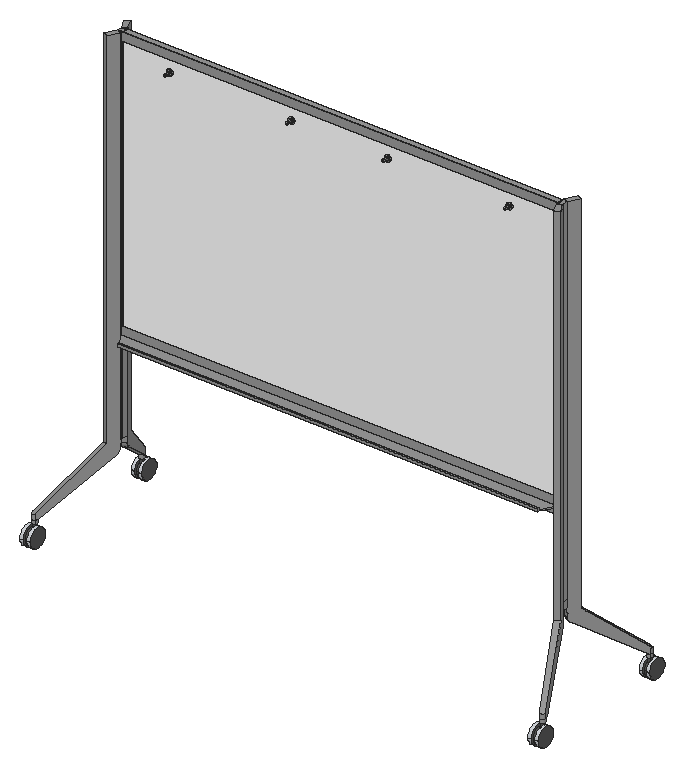
Revit family "Haworth_Planes_InformationDisplay_AP_PRELIMINARY", category Furniture Systems, Revit 2019
Family settings
  Round Connector Dimension = Use Diameter
  Part Type = Normal
  OmniClass Number = 23.40.70.14.64.21
  OmniClass Title = Systems Furniture
  Work Plane-Based = No
  Always vertical = Yes
  Cut with Voids When Loaded = No
  Shared = No
  Room Calculation Point = No
Parameters (values of type "Large")
  Warranty = "http://www.haworth.com/resources/product-info/warranties"
  URL - Product = "http://www.haworth.com/products/accessories/whiteboards-carts/planes-collaborative-tools"
  URL = "www.haworth.com"
  Size = "Verify Final Dim. w/ Haworth"  # constant formula
  Revision Number = "1"  # constant formula
  Model = "WOPLID"  # constant formula
  Markerboard Finish [instance] = Haworth _ Markerboard _ White
  Manufacturer = "Haworth"  # constant formula
  Large = yes
  Hook Finish = Haworth _ Polymer _ Undecided
  Glides = not(Casters)  # no
  Frame Finish [instance] = Haworth _ Polymer _ Undecided
  Description = "Haworth - Planes - Information Display"  # constant formula
  Casters = yes
  Caster Finish = Haworth _ Polymer _ Black
  Author = "Haworth (Abd Rahman),SHAPE Environments, LLC"  # constant formula
  Assembly Code = "E2020200"
  Actual Width = if(Large, 2235 mm, 1143 mm)  # 2235 mm
  Actual Height = 1905 mm  # constant formula
Types (2, lengths in mm): name | Large | Glides | Casters | Actual Width
  Standard | no | yes | no | 1143
  Large | yes | no | yes | 2235
Reference planes
  plane 1 "Center F/B": y = 0
  plane 2: z = 0
  plane 3 "Center L/R": x = 0.043
  plane 4: z = 779.46
  plane 5 "Left": x = -1117.457
  plane 6 "Right": x = 1117.543
  plane 7 "Left Leg": x = -939.657
  plane 8 "Right Leg": x = 939.743
  plane 9: z = 750.885
  plane 10: z = 744.538
  plane 11: z = 738.188
  plane 12: z = 708.678
  plane 13: z = 704.85
  plane 14: y = 77.787
  plane 15: y = 71.437
  plane 16: y = 14.286
  plane 17: y = -14.286
  plane 18: y = -77.788
  plane 19: y = -71.438
  plane 20: y = 14.286
  plane 21: y = -14.286
  plane 22: x = -207.353
  plane 23: x = 207.438
  plane 24: x = -732.947
  plane 25: x = 733.032
  plane 26: z = 1831.377
  plane 27: z = 1914.525
Forms (mm)
  Extrusion 1, solid, material "Haworth _ Polymer _ Undecided" <- "Frame Finish"
    sketch origin (0.043, 0, 0) x (0, 1, 0) y (0, 0, 1)
      loop
        line (71.437, 744.538) -> (14.286, 744.538) -> (14.286, 779.46) -> (10.258, 779.46) -> (10.258, 744.538) -> (-10.258, 744.538) -> (-10.258, 779.46) -> (-14.286, 779.46) -> (-14.286, 744.538) -> (-71.438, 744.538) -> (-71.438, 750.885) -> (-77.788, 750.885) -> (-77.788, 738.188) -> (-14.286, 738.188) -> (-14.286, 708.678) -> (0, 704.85) -> (14.286, 708.678) -> (14.286, 738.188) -> (77.787, 738.188) -> (77.787, 750.885) -> (71.437, 750.885) -> (71.437, 744.538)
      loop
        line (10.258, 1881.187) -> (14.286, 1881.187) -> (14.286, 1914.525) -> (-14.286, 1914.525) -> (-14.286, 1881.187) -> (-10.258, 1881.187) -> (-10.258, 1912.747) -> (10.258, 1912.747) -> (10.258, 1881.187)
    from -939.7 to 939.7
  Extrusion 2, void
    sketch origin (-0.043, 0, 0) x (1, 0, 0) y (0, 1, 0)
      loop
        line (-939.615, 15.875) -> (-906.345, 71.437) -> (-906.345, 84.137) -> (-955.058, 84.137) -> (-955.058, -84.137) -> (-906.345, -84.137) -> (-906.345, -71.437) -> (-939.615, -15.875) -> (-939.615, 15.875)
    from 670.129 to 827.222
  Extrusion 3, solid, material "Haworth _ Markerboard _ White" <- "Markerboard Finish"
    sketch origin (0.043, 0, 0) x (0, 1, 0) y (0, 0, 1)
      loop
        line (10.258, 1912.747) -> (-10.258, 1912.747) -> (-10.258, 744.538) -> (10.258, 744.538) -> (10.258, 1912.747)
    from -939.7 to 939.7
  Extrusion 4, solid, material "Haworth _ Polymer _ Undecided" <- "Frame Finish"
    sketch origin (0, 0, 0) x (1, 0, 0) y (0, 1, 0)
      loop
        line (-945.214, 13.786) -> (-940.671, 20.71) -> (-960.295, 10.276) -> (-960.295, -10.276) -> (-940.671, -20.71) -> (-945.214, -13.786) -> (-945.214, -10.452) -> (-939.657, -10.452) -> (-939.657, 10.452) -> (-945.214, 10.452) -> (-945.214, 13.786)
    from 1914.525 to 345.892
  Extrusion 5, void
    sketch origin (0.043, 0, 0) x (-1, 0, 0) y (0, -1, 0)
      loop
        line (-939.7, -15.875) -> (-939.7, 15.875) -> (-906.43, 71.437) -> (-906.43, 84.137) -> (-955.143, 84.137) -> (-955.143, -84.137) -> (-906.43, -84.137) -> (-906.43, -71.437) -> (-939.7, -15.875)
    from 670.129 to 827.222
  Extrusion 6, solid, material "Haworth _ Polymer _ Undecided" <- "Frame Finish"
    sketch origin (0.085, 0, 0) x (-1, 0, 0) y (0, -1, 0)
      loop
        line (-945.214, -13.786) -> (-945.214, -10.452) -> (-939.657, -10.452) -> (-939.657, 10.452) -> (-945.214, 10.452) -> (-945.214, 13.786) -> (-940.671, 20.71) -> (-960.295, 10.276) -> (-960.295, -10.276) -> (-940.671, -20.71) -> (-945.214, -13.786)
    from 1914.525 to 345.892
Cuts and joins
  Extrusion 2, Extrusion 5 cuts Extrusion 1
  Extrusion 5 cuts Extrusion 3
  Extrusion 5 cuts Extrusion 4
Lines and regions (mm)
  Masking region 1
    outline origin (0, 0, 0) x (1, 0, 0) y (0, 1, 0)
      loop
        line (-1105.044, 282.512) -> (-960.295, 10.276) -> (-960.295, -10.276) -> (-1105.044, -282.512)
        arc (-1105.044, -282.512) -> (-1100.449, -297.541) -> (-1085.421, -292.946) r 11.112
        line (-1085.421, -292.946) -> (-940.671, -20.71) -> (-945.214, -13.786) -> (-945.214, -10.452) -> (-939.657, -10.452) -> (-939.657, -15.875) -> (-906.387, -71.437) -> (906.472, -71.437) -> (939.743, -15.875) -> (939.743, -10.452) -> (945.299, -10.452) -> (945.299, -13.786) -> (940.756, -20.71) -> (1085.506, -292.946)
        arc (1085.506, -292.946) -> (1100.535, -297.541) -> (1105.129, -282.512) r 11.112
        line (1105.129, -282.512) -> (960.38, -10.276) -> (960.38, 10.276) -> (1105.2, 282.646)
        arc (1105.2, 282.646) -> (1100.468, 297.577) -> (1085.506, 292.946) r 11.113
        line (1085.506, 292.946) -> (940.756, 20.71) -> (945.299, 13.786) -> (945.299, 10.452) -> (939.743, 10.452) -> (939.743, 15.875) -> (906.472, 71.437) -> (-906.387, 71.437) -> (-939.657, 15.875) -> (-939.657, 10.452) -> (-945.214, 10.452) -> (-945.214, 13.786) -> (-940.671, 20.71) -> (-1086.521, 295.016)
        arc (-1086.521, 295.016) -> (-1101.41, 297.1) -> (-1105.044, 282.512) r 11.236
  symbolic lines, style "Haworth"
    curve 1: line (-939.657, 10.452, 0) -> (939.743, 10.452, 0)
    curve 2: line (-939.657, -10.258, 0) -> (-939.657, 10.452, 0)
    curve 3: line (939.743, -10.258, 0) -> (-939.657, -10.258, 0)
    curve 4: line (939.743, 10.452, 0) -> (939.743, -10.258, 0)
    curve 5: line (1117.543, -260.411, 0) -> (1073.093, -260.411, 0)
    curve 6: line (1117.543, -339.786, 0) -> (1117.543, -260.411, 0)
    curve 7: line (1073.093, -339.786, 0) -> (1117.543, -339.786, 0)
    curve 8: line (1073.093, -260.411, 0) -> (1073.093, -339.786, 0)
    curve 9: line (1073.093, 339.786, 0) -> (1117.543, 339.786, 0)
    curve 10: line (1073.093, 260.411, 0) -> (1073.093, 339.786, 0)
    curve 11: line (1117.543, 260.411, 0) -> (1073.093, 260.411, 0)
    curve 12: line (1117.543, 339.786, 0) -> (1117.543, 260.411, 0)
    curve 13: line (-1117.457, 339.786, 0) -> (-1073.007, 339.786, 0)
    curve 14: line (-1117.457, 260.411, 0) -> (-1117.457, 339.786, 0)
    curve 15: line (-1073.007, 260.411, 0) -> (-1117.457, 260.411, 0)
    curve 16: line (-1073.007, 339.786, 0) -> (-1073.007, 260.411, 0)
    curve 17: line (-1117.457, -260.411, 0) -> (-1073.007, -260.411, 0)
    curve 18: line (-1117.457, -339.786, 0) -> (-1117.457, -260.411, 0)
    curve 19: line (-1073.007, -339.786, 0) -> (-1117.457, -339.786, 0)
    curve 20: line (-1073.007, -260.411, 0) -> (-1073.007, -339.786, 0)
Dimensions and locks
  equal spacing: plane 5 "Left", plane 3 "Center L/R", plane 6 "Right"
  "Actual Width": plane 5 "Left" to plane 6 "Right"
  locked: plane 5 "Left" to plane 7 "Left Leg" at 177.8
  locked: plane 8 "Right Leg" to plane 6 "Right" at 177.8
  locked: nested 1 to plane 7 "Left Leg" at 20.638
  locked: plane 8 "Right Leg" to nested 2 at 20.638
  plane 13 to plane 12 to plane 11 to plane 10 to plane 9 to plane 4 = 3.828 mm locked, 29.51 mm locked, 6.35 mm locked, 6.347 mm locked, 28.575 mm locked
  plane 18 to plane 19 to plane 17 to plane 16 to plane 15 to plane 14 = 6.35 mm locked, 57.151 mm locked, 28.572 mm locked, 57.151 mm locked, 6.35 mm locked
  equal spacing: plane 22, plane 3 "Center L/R", plane 23
  equal spacing: plane 24, plane 3 "Center L/R", plane 25
  locked: plane 27 to plane 26 at 83.148
  plane 20 to plane 1 "Center F/B" to plane 21 = 14.286 mm locked, 14.286 mm locked
  aligned and locked: cut or joined group of Extrusion 1, Extrusion 2, Extrusion 5 to Extrusion 3  (x2)
  aligned and locked: Extrusion 4 to nested 1
  aligned: nested 1 to Extrusion 4
  aligned and locked: plane 1 "Center F/B" to nested 1
  aligned and locked: cut or joined group of Extrusion 3, Extrusion 5 to plane 7 "Left Leg"
  aligned and locked: plane 8 "Right Leg" to cut or joined group of Extrusion 3, Extrusion 5
  aligned and locked: Extrusion 1 sketch curve to plane 14
  aligned and locked: plane 15 to Extrusion 1 sketch curve
  aligned and locked: plane 16 to Extrusion 1 sketch curve  (x2)
  aligned and locked: plane 17 to Extrusion 1 sketch curve  (x2)
  aligned and locked: Extrusion 1 sketch curve to plane 18
  aligned and locked: plane 19 to Extrusion 1 sketch curve
  aligned and locked: plane 9 to Extrusion 1 sketch curve
  aligned and locked: Extrusion 1 sketch curve to plane 9
  aligned and locked: Extrusion 1 sketch curve to plane 11  (x2)
  aligned and locked: plane 13 to Extrusion 1 sketch curve
  aligned and locked: plane 12 to Extrusion 1 sketch curve  (x2)
  aligned and locked: Extrusion 1 sketch curve to plane 4
  aligned and locked: plane 4 to Extrusion 1 sketch curve
  aligned and locked: plane 10 to Extrusion 1 sketch curve  (x3)
  aligned and locked: nested 4 to plane 22
  aligned and locked: plane 23 to nested 3
  aligned and locked: plane 26 to nested 3
  aligned and locked: plane 26 to nested 4
  aligned and locked: plane 26 to nested 5
  aligned and locked: nested 5 to plane 24
  aligned and locked: plane 25 to nested 6
  aligned and locked: plane 26 to nested 6
  aligned and locked: nested 6 to plane 21
  aligned and locked: nested 4 to plane 21
  aligned and locked: plane 21 to nested 5
  aligned and locked: nested 3 to plane 21
  aligned and locked: plane 20 to nested 10
  aligned and locked: plane 20 to nested 7
  aligned and locked: plane 20 to nested 8
  aligned and locked: nested 9 to plane 20
  aligned and locked: nested 10 to plane 25
  aligned and locked: nested 7 to plane 23
  aligned and locked: plane 22 to nested 8
  aligned and locked: plane 24 to nested 9
  aligned and locked: plane 26 to nested 10
  aligned and locked: plane 26 to nested 7
  aligned and locked: plane 26 to nested 8
  aligned and locked: plane 26 to nested 9
Automatic sketch dimensions
  Extrusion 1 sketch curve to plane 1 "Center F/B" = 0 mm
  plane 1 "Center F/B" to Extrusion 1 sketch curve = 10.258 mm
  Extrusion 1 sketch curve to Extrusion 1 sketch curve = 4.028 mm  (x4)
  Extrusion 1 sketch curve to plane 1 "Center F/B" = 10.258 mm
  Extrusion 1 sketch curve to plane 4 = 1101.728 mm
  Extrusion 1 sketch curve to Extrusion 1 sketch curve = 0 mm
  Extrusion 1 sketch curve to Extrusion 1 sketch curve = 31.56 mm
  Extrusion 1 sketch curve to Extrusion 1 sketch curve = 1.778 mm
  Extrusion 2 sketch curve to plane 7 "Left Leg" = 0 mm
  Extrusion 2 sketch curve to plane 7 "Left Leg" = 15.443 mm
  plane 7 "Left Leg" to Extrusion 2 sketch curve = 33.27 mm  (x2)
  plane 1 "Center F/B" to Extrusion 2 sketch curve = 84.137 mm
  Extrusion 2 sketch curve to Extrusion 2 sketch curve = 12.7 mm  (x2)
  plane 1 "Center F/B" to Extrusion 2 sketch curve = 15.875 mm
  Extrusion 2 sketch curve to plane 1 "Center F/B" = 15.875 mm
  Extrusion 2 sketch curve to Extrusion 2 sketch curve = 55.562 mm
  Extrusion 4 sketch curve to plane 7 "Left Leg" = 0 mm
  Extrusion 4 sketch curve to plane 7 "Left Leg" = 1.014 mm  (x2)
  Extrusion 4 sketch curve to plane 7 "Left Leg" = 5.556 mm
  Extrusion 4 sketch curve to Extrusion 4 sketch curve = 5.556 mm
  plane 1 "Center F/B" to Extrusion 4 sketch curve = 10.276 mm
  Extrusion 4 sketch curve to Extrusion 4 sketch curve = 15.081 mm
  plane 1 "Center F/B" to Extrusion 4 sketch curve = 10.452 mm
  Extrusion 4 sketch curve to Extrusion 4 sketch curve = 3.334 mm  (x2)
  Extrusion 4 sketch curve to Extrusion 4 sketch curve = 6.924 mm  (x2)
  Extrusion 4 sketch curve to plane 1 "Center F/B" = 10.276 mm
  Extrusion 4 sketch curve to plane 1 "Center F/B" = 10.452 mm
  Extrusion 5 sketch curve to plane 8 "Right Leg" = 0 mm
  Extrusion 5 sketch curve to plane 8 "Right Leg" = 15.443 mm
  plane 8 "Right Leg" to Extrusion 5 sketch curve = 33.27 mm  (x2)
  Extrusion 5 sketch curve to plane 1 "Center F/B" = 84.137 mm
  Extrusion 5 sketch curve to Extrusion 5 sketch curve = 12.7 mm  (x2)
  Extrusion 5 sketch curve to plane 1 "Center F/B" = 15.875 mm
  plane 1 "Center F/B" to Extrusion 5 sketch curve = 15.875 mm
  Extrusion 5 sketch curve to Extrusion 5 sketch curve = 55.562 mm
  Masking region 1 sketch curve to plane 7 "Left Leg" = 0 mm  (x2)
  Masking region 1 sketch curve to plane 8 "Right Leg" = 0 mm  (x2)
  Masking region 1 sketch curve to plane 7 "Left Leg" = 1.014 mm  (x2)
  Masking region 1 sketch curve to plane 7 "Left Leg" = 5.556 mm  (x2)
  Masking region 1 sketch curve to Masking region 1 sketch curve = 15.081 mm  (x2)
  Masking region 1 sketch curve to plane 5 "Left" = 32.037 mm
  Masking region 1 sketch curve to plane 5 "Left" = 30.936 mm
  Masking region 1 sketch curve to Masking region 1 sketch curve = 8.602 mm
  Masking region 1 sketch curve to Masking region 1 sketch curve = 9.812 mm  (x5)
  Masking region 1 sketch curve to Masking region 1 sketch curve = 9.921 mm
  plane 7 "Left Leg" to Masking region 1 sketch curve = 33.27 mm  (x2)
  Masking region 1 sketch curve to plane 8 "Right Leg" = 33.27 mm  (x2)
  plane 8 "Right Leg" to Masking region 1 sketch curve = 1.014 mm  (x2)
  plane 8 "Right Leg" to Masking region 1 sketch curve = 5.556 mm  (x2)
  Masking region 1 sketch curve to plane 1 "Center F/B" = 10.276 mm  (x2)
  plane 6 "Right" to Masking region 1 sketch curve = 32.037 mm  (x2)
  Masking region 1 sketch curve to Masking region 1 sketch curve = 9.882 mm
  plane 1 "Center F/B" to Masking region 1 sketch curve = 10.276 mm  (x2)
  plane 1 "Center F/B" to Masking region 1 sketch curve = 10.452 mm  (x2)
  Masking region 1 sketch curve to Masking region 1 sketch curve = 3.334 mm  (x4)
  Masking region 1 sketch curve to Masking region 1 sketch curve = 5.423 mm  (x4)
  Masking region 1 sketch curve to Masking region 1 sketch curve = 4.835 mm  (x4)
  Masking region 1 sketch curve to Masking region 1 sketch curve = 50.728 mm  (x2)
  plane 1 "Center F/B" to Masking region 1 sketch curve = 282.512 mm  (x2)
  Masking region 1 sketch curve to Masking region 1 sketch curve = 5.217 mm  (x2)
  Masking region 1 sketch curve to plane 1 "Center F/B" = 10.452 mm  (x2)
  Masking region 1 sketch curve to plane 1 "Center F/B" = 282.512 mm
  Masking region 1 sketch curve to plane 1 "Center F/B" = 282.646 mm
  Masking region 1 sketch curve to Masking region 1 sketch curve = 5.083 mm
  Masking region 1 sketch curve to Masking region 1 sketch curve = 5.275 mm
  Extrusion 6 sketch curve to plane 8 "Right Leg" = 0 mm
  Extrusion 6 sketch curve to plane 8 "Right Leg" = 1.014 mm  (x2)
  Extrusion 6 sketch curve to plane 8 "Right Leg" = 5.556 mm
  Extrusion 6 sketch curve to Extrusion 6 sketch curve = 5.556 mm
  Extrusion 6 sketch curve to plane 1 "Center F/B" = 10.276 mm
  Extrusion 6 sketch curve to Extrusion 6 sketch curve = 15.081 mm
  Extrusion 6 sketch curve to plane 1 "Center F/B" = 10.452 mm
  Extrusion 6 sketch curve to Extrusion 6 sketch curve = 3.334 mm  (x2)
  Extrusion 6 sketch curve to Extrusion 6 sketch curve = 6.924 mm  (x2)
  plane 1 "Center F/B" to Extrusion 6 sketch curve = 10.276 mm
  plane 1 "Center F/B" to Extrusion 6 sketch curve = 10.452 mm
  curve 13 to plane 5 "Left" = 0 mm
  curve 17 to plane 5 "Left" = 0 mm
  curve 2 to plane 7 "Left Leg" = 0 mm
  curve 4 to plane 8 "Right Leg" = 0 mm
  curve 6 to plane 6 "Right" = 0 mm
  curve 9 to plane 6 "Right" = 0 mm
  curve 17 to curve 17 = 44.45 mm
  curve 14 to curve 16 = 44.45 mm
  plane 6 "Right" to curve 11 = 44.45 mm
  plane 6 "Right" to curve 8 = 44.45 mm
  plane 1 "Center F/B" to curve 20 = 339.786 mm
  plane 1 "Center F/B" to curve 8 = 339.786 mm
  curve 6 to curve 5 = 79.375 mm
  curve 19 to curve 17 = 79.375 mm
  plane 1 "Center F/B" to curve 3 = 10.258 mm
  curve 1 to plane 1 "Center F/B" = 10.452 mm
  curve 12 to plane 1 "Center F/B" = 260.411 mm
  curve 14 to plane 1 "Center F/B" = 260.411 mm
  curve 11 to curve 12 = 79.375 mm
  curve 14 to curve 14 = 79.375 mm
  plane 1 "Center F/B" to Extrusion 3 sketch curve = 10.258 mm
  Extrusion 3 sketch curve to plane 1 "Center F/B" = 10.258 mm
  plane 4 to Extrusion 3 sketch curve = 34.922 mm
  Extrusion 3 sketch curve to plane 4 = 1133.287 mm
Nested families
  nested 1: "Haworth_Table Legs" at (-946.007, 0, 0), type "Leg"
  nested 2: "Haworth_Table Legs" at (946.093, 0, 0) x (-1, 0, 0) z (0, 0, 1), type "Leg"
  nested 3: "Haworth_Planes_Hook-PART" at (764.297, 44.064, 4.925), Hook Finish <- "Hook Finish", type "Hook"
    with Hook Finish Haworth _ Polymer _ Undecided
  nested 4: "Haworth_Planes_Hook-PART" at (349.506, 44.064, 4.925), Hook Finish <- "Hook Finish", type "Hook"
    with Hook Finish Haworth _ Polymer _ Undecided
  nested 5: "Haworth_Planes_Hook-PART" at (-1289.806, 44.064, 4.925) x (-1, 0, 0) z (0, 0, 1), visible <- "Large", Hook Finish <- "Hook Finish", type "Hook"
    with Hook Finish Haworth _ Polymer _ Undecided
  nested 6: "Haworth_Planes_Hook-PART" at (1289.891, 44.064, 4.925), visible <- "Large", Hook Finish <- "Hook Finish", type "Hook"
    with Hook Finish Haworth _ Polymer _ Undecided
  nested 7: "Haworth_Planes_Hook-PART" at (764.297, -44.064, 4.925), Hook Finish <- "Hook Finish", type "Hook"
    with Hook Finish Haworth _ Polymer _ Undecided
  nested 8: "Haworth_Planes_Hook-PART" at (349.506, -44.064, 4.925), Hook Finish <- "Hook Finish", type "Hook"
    with Hook Finish Haworth _ Polymer _ Undecided
  nested 9: "Haworth_Planes_Hook-PART" at (-1289.806, -44.064, 4.925) x (-1, 0, 0) z (0, 0, 1), visible <- "Large", Hook Finish <- "Hook Finish", type "Hook"
    with Hook Finish Haworth _ Polymer _ Undecided
  nested 10: "Haworth_Planes_Hook-PART" at (1289.891, -44.064, 4.925), visible <- "Large", Hook Finish <- "Hook Finish", type "Hook"
    with Hook Finish Haworth _ Polymer _ Undecided
Definition of nested family "Haworth_Table Legs"
  Parameters
    Y with Glides = no
    Y with Casters = yes
    Y Visibility = or(Y with Glides, Y with Casters, Stretcher)  # yes
    Y Casters Visibility = or(Y with Casters, Stretcher)  # yes
    Y Gliders = Y with Glides  # no
    Width = if(Perimeter, 34.925 mm, 28.575 mm)  # 28.575 mm
    Stretcher = no
    Post = or(Perimeter, Interior)  # no
    Leg Height = 1914.525 mm
    Perimeter = no
    Leg Finish = none
    Interior = no
    Depth = if(Perimeter, 101.6 mm, 82.55 mm)  # 82.55 mm
    Caster Finish = none
    Assembly Code = ""
  Reference planes
    plane 1 "Center (Front/Back)": y = 0
    plane 2: z = 0
    plane 3 "Center (Left/Right)": x = 0
    plane 4 "Top of Leg": z = 1914.525
    plane 5 "Y Leg Stand": x = -149.225
    plane 6 "Left Y Leg": through (-4.476, 15.493, 1219.2) normal (-0.8829, -0.4695, 0)
    plane 7 "Back Post": y = 41.275
    plane 8 "Front Post": y = -41.275
    plane 9 "Right Post": x = 14.288
    plane 10 "Left Post": x = -14.287
    plane 11 "Left Support": y = 287.729
    plane 12: through (-4.476, -15.493, 1219.2) normal (0.8829, -0.4695, 0)
    plane 13: y = -287.729
  Forms (mm)
    Extrusion 1, solid, material <- "Leg Finish", visible <- "Y Visibility"
      sketch origin (-13.106, 0, 0) x (1, 0, 0) y (0, 0, 1)
        loop
          line (7.144, 346.075) -> (7.144, 377.825) -> (-1.181, 377.825) -> (-1.181, 346.075) -> (7.144, 346.075)
      from -25.4 to 25.4
    Extrusion 2, solid, material <- "Leg Finish", visible <- "Y Visibility"
      sketch origin (-4.476, 15.493, 1219.2) x (0.469468, -0.88295, 0) y (0, 0, -1)
        loop
          line (-50.8, 882.657) -> (-50.8, -695.325) -> (0, -695.325) -> (0, 873.308) -> (-2.538, 909.601)
          arc (-2.538, 909.601) -> (-6.012, 920.969) -> (-14.114, 929.665) r 26.437
          line (-14.114, 929.665) -> (-299.087, 1116.593) -> (-321.132, 1116.593) -> (-321.132, 1102.547) -> (-50.8, 882.657)
      from -11.113 to 11.113
    Extrusion 3, void
      sketch origin (18.686, 21.929, 0) x (0.88295, 0.469468, 0) y (-0.469468, 0.88295, 0)
        loop
          arc (-34.584, 313.517) -> (-23.472, 324.63) -> (-12.359, 313.517) r 11.112
          line (-12.359, 313.517) -> (-7.908, 313.517) -> (-7.908, 327.429) -> (-39.035, 327.429) -> (-39.035, 313.517) -> (-34.584, 313.517)
      from 81.937 to 140.104
    Revolve 4, solid, material <- "Leg Finish", visible <- "Y Gliders"
      sketch origin (-149.466, -1.061, 0) x (-0.000803, -1, 0) y (0, 0, 1)
        loop
          line (-288.79, 87.312) -> (-288.79, 0) -> (-263.39, 0) -> (-263.39, 4.762) -> (-277.678, 4.762) -> (-277.678, 87.312) -> (-288.79, 87.312)
        axis (-288.79, 87.312) -> (-288.79, 0)
      angle from 0 to 360
    Extrusion 5, solid, material <- "Leg Finish", visible <- "Y Visibility"
      sketch origin (18.686, 21.929, 0) x (0.88295, 0.469468, 0) y (-0.469468, 0.88295, 0)
        loop
          circle (-23.472, 313.517) r 11.112
      from 87.312 to 102.607
    Extrusion 6, solid, material <- "Leg Finish", visible <- "Post"
      sketch origin (0, 0, 0) x (1, 0, 0) y (0, 1, 0)
        loop
          line (-14.287, 41.275) -> (-14.287, -41.275) -> (14.288, -41.275) -> (14.288, 41.275) -> (-14.287, 41.275)
      from 0 to 1914.525
    Extrusion 7, solid, material <- "Leg Finish", visible <- "Y Visibility"
      sketch origin (-4.476, -15.493, 1219.2) x (0.469468, 0.88295, 0) y (0, 0, 1)
        loop
          line (-50.8, -882.657) -> (-321.132, -1102.547) -> (-321.132, -1116.593) -> (-299.087, -1116.593) -> (-14.114, -929.665)
          arc (-14.114, -929.665) -> (-6.012, -920.969) -> (-2.538, -909.601) r 26.437
          line (-2.538, -909.601) -> (0, -873.308) -> (0, 695.325) -> (-50.8, 695.325) -> (-50.8, -882.657)
      from -11.113 to 11.113
    Extrusion 8, void
      sketch origin (18.686, -21.929, 0) x (0.88295, -0.469468, 0) y (0.469468, 0.88295, 0)
        loop
          line (-34.584, -313.517) -> (-39.035, -313.517) -> (-39.035, -327.429) -> (-7.908, -327.429) -> (-7.908, -313.517) -> (-12.359, -313.517)
          arc (-12.359, -313.517) -> (-23.472, -324.63) -> (-34.584, -313.517) r 11.112
      from 81.937 to 140.104
    Revolve 9, solid, material <- "Leg Finish", visible <- "Y Gliders"
      sketch origin (-149.448, 1.061, 0) x (-0.000803, 1, 0) y (0, 0, -1)
        loop
          line (-288.79, -87.312) -> (-277.678, -87.312) -> (-277.678, -4.762) -> (-263.39, -4.762) -> (-263.39, 0) -> (-288.79, 0) -> (-288.79, -87.312)
        axis (-288.79, -87.312) -> (-288.79, 0)
      angle from 0 to 360
    Extrusion 10, solid, material <- "Leg Finish", visible <- "Y Visibility"
      sketch origin (18.686, -21.929, 0) x (0.88295, -0.469468, 0) y (0.469468, 0.88295, 0)
        loop
          circle (-23.472, -313.517) r 11.112
      from 87.312 to 102.607
  Cuts and joins
    Extrusion 3, Extrusion 8 cuts Extrusion 1
    Extrusion 3, Extrusion 8 cuts Extrusion 2
    Extrusion 8 cuts Extrusion 5
    Extrusion 8 cuts Extrusion 7
    Extrusion 8 cuts Extrusion 10
    joined: Extrusion 1, Extrusion 2, Extrusion 5, Extrusion 7, Extrusion 10
    Extrusion 8 cuts Revolve 4
    Extrusion 8 cuts Revolve 9
  Dimensions and locks
    "Leg Height": plane 4 "Top of Leg" to level
    plane 5 "Y Leg Stand" to plane 3 "Center (Left/Right)" = 149.225 mm
    equal spacing: plane 10 "Left Post", plane 3 "Center (Left/Right)", plane 9 "Right Post"
    "Width": plane 10 "Left Post" to plane 9 "Right Post"
    equal spacing: plane 7 "Back Post", plane 1 "Center (Front/Back)", plane 8 "Front Post"
    "Depth": plane 7 "Back Post" to plane 8 "Front Post"
    aligned and locked: plane 10 "Left Post" to Extrusion 6 sketch curve
    aligned and locked: Extrusion 6 sketch curve to plane 7 "Back Post"
    aligned and locked: plane 8 "Front Post" to Extrusion 6 sketch curve
    aligned and locked: Extrusion 6 sketch curve to plane 9 "Right Post"
    aligned and locked: plane 4 "Top of Leg" to Extrusion 6
  Automatic sketch dimensions
    plane 10 "Left Post" to Extrusion 1 sketch curve = 0 mm
    Extrusion 1 sketch curve to plane 3 "Center (Left/Right)" = 5.962 mm
    level to Extrusion 1 sketch curve = 346.075 mm
    Extrusion 1 sketch curve to Extrusion 1 sketch curve = 31.75 mm
    plane 4 "Top of Leg" to Extrusion 2 sketch curve = 0 mm
    Extrusion 2 sketch curve to level = 116.653 mm
    Extrusion 2 sketch curve to level = 102.607 mm
    Extrusion 2 sketch curve to Extrusion 2 sketch curve = 22.044 mm
    Extrusion 2 sketch curve to Extrusion 2 sketch curve = 270.332 mm
    Extrusion 2 sketch curve to Extrusion 2 sketch curve = 21.89 mm
    Extrusion 2 sketch curve to level = 289.535 mm
    Extrusion 2 sketch curve to Extrusion 2 sketch curve = 14.796 mm
    Extrusion 2 sketch curve to level = 309.599 mm
    Extrusion 2 sketch curve to Extrusion 2 sketch curve = 11.576 mm
    Extrusion 2 sketch curve to Extrusion 2 sketch curve = 50.8 mm
    Extrusion 2 sketch curve to Extrusion 2 sketch curve = 25.1 mm
    Extrusion 2 sketch curve to Extrusion 2 sketch curve = 36.294 mm
    Extrusion 3 sketch curve to plane 5 "Y Leg Stand" = 0 mm
    Extrusion 3 sketch curve to plane 6 "Left Y Leg" = 0 mm
    Extrusion 3 sketch curve to plane 6 "Left Y Leg" = 11.112 mm
    Extrusion 3 sketch curve to Extrusion 3 sketch curve = 4.451 mm  (x2)
    Extrusion 3 sketch curve to Extrusion 3 sketch curve = 13.912 mm
    Revolve 4 sketch curve to level = 0 mm
    level to Revolve 4 sketch curve = 87.093 mm
    Revolve 4 sketch curve to Revolve 4 sketch curve = 0 mm
    level to Revolve 4 sketch curve = 4.763 mm
    Revolve 4 sketch curve to Revolve 4 sketch curve = 11.113 mm
    Revolve 4 sketch curve to Revolve 4 sketch curve = 14.287 mm
    Revolve 4 sketch curve to level = 27.207 mm
    Revolve 4 sketch curve to Revolve 4 sketch curve = 0.22 mm
    Extrusion 5 sketch curve to plane 5 "Y Leg Stand" = 0 mm
    Extrusion 5 sketch curve to plane 6 "Left Y Leg" = 0 mm
    Extrusion 7 sketch curve to plane 4 "Top of Leg" = 0 mm
    level to Extrusion 7 sketch curve = 116.653 mm
    level to Extrusion 7 sketch curve = 102.607 mm
    Extrusion 7 sketch curve to Extrusion 7 sketch curve = 22.044 mm
    Extrusion 7 sketch curve to Extrusion 7 sketch curve = 270.332 mm
    Extrusion 7 sketch curve to Extrusion 7 sketch curve = 21.89 mm
    level to Extrusion 7 sketch curve = 289.535 mm
    Extrusion 7 sketch curve to Extrusion 7 sketch curve = 14.796 mm
    level to Extrusion 7 sketch curve = 309.599 mm
    Extrusion 7 sketch curve to Extrusion 7 sketch curve = 11.576 mm
    Extrusion 7 sketch curve to Extrusion 7 sketch curve = 50.8 mm
    Extrusion 7 sketch curve to Extrusion 7 sketch curve = 25.1 mm
    Extrusion 7 sketch curve to Extrusion 7 sketch curve = 36.294 mm
    Extrusion 8 sketch curve to plane 5 "Y Leg Stand" = 0 mm
    plane 12 to Extrusion 8 sketch curve = 0 mm
    plane 12 to Extrusion 8 sketch curve = 11.112 mm
    Extrusion 8 sketch curve to Extrusion 8 sketch curve = 4.451 mm  (x2)
    Extrusion 8 sketch curve to Extrusion 8 sketch curve = 13.912 mm
    Revolve 9 sketch curve to level = 0 mm
    level to Revolve 9 sketch curve = 87.093 mm
    Revolve 9 sketch curve to Revolve 9 sketch curve = 0 mm
    level to Revolve 9 sketch curve = 4.763 mm
    Revolve 9 sketch curve to Revolve 9 sketch curve = 11.113 mm
    Revolve 9 sketch curve to Revolve 9 sketch curve = 14.287 mm
    Revolve 9 sketch curve to Revolve 9 sketch curve = 0.22 mm
    Revolve 9 sketch curve to level = 27.207 mm
    Extrusion 10 sketch curve to plane 5 "Y Leg Stand" = 0 mm
    plane 12 to Extrusion 10 sketch curve = 0 mm
    radius of Extrusion 5 sketch curve = 11.112 mm
    radius of Extrusion 10 sketch curve = 11.112 mm
  Nested families
    nested 1: "Haworth_3in Caster" at (-149.225, 287.729, 0), visible <- "Y Casters Visibility", type "Haworth_3in Caster"
    nested 2: "Haworth_3in Caster" at (-149.225, -287.729, 0), visible <- "Y Casters Visibility", type "Haworth_3in Caster"
  Definition of nested family "Haworth_3in Caster"
    Parameters
      Glides = yes
      Caster Finish = none
      Cart Leg Finish = none
      Assembly Code = ""
    Reference planes
      plane 1 "Center (Front/Back)": y = 0
      plane 2: z = 0
      plane 3 "Center (Left/Right)": x = 0
    Forms (mm)
      Extrusion 1, solid
        sketch origin (0, 0, -0.538) x (0, 1, 0) y (0, 0, 1)
          loop
            circle (-12.369, 40.225) r 39.688
        from 22.225 to 7.938
      Extrusion 2, solid
        sketch origin (0, 0, -0.538) x (0, 1, 0) y (0, 0, 1)
          loop
            circle (-12.369, 40.225) r 39.688
        from -22.225 to -7.938
      Extrusion 3, solid
        sketch origin (0, 0, 0) x (0, 1, 0) y (0, 0, 1)
          loop
            circle (-12.369, 39.687) r 33.338
        from -7.938 to 7.938
      Extrusion 4, solid
        sketch origin (0, 0, 0) x (1, 0, 0) y (0, 1, 0)
          loop
            circle (0, 0) r 6.35
        from 61.913 to 87.313
    Cuts and joins
      joined: Extrusion 3, Extrusion 4
    Dimensions and locks
      plane 3 "Center (Left/Right)" to Extrusion 2 = 7.938 mm
      Extrusion 1 to plane 3 "Center (Left/Right)" = 22.225 mm
Definition of nested family "Haworth_Planes_Hook-PART"
  Parameters (values of type "Hook")
    Warranty = "http://www.haworth.com/resources/product-info/warranties"
    URL - Product = ""
    URL = ""
    Size = "Verify Final Dim. w/ Haworth"  # constant formula
    Revision Number = "1"  # constant formula
    Model = ""
    Manufacturer = "Haworth"  # constant formula
    Hook Finish [instance] = none
    Description = ""
    Author = "Haworth (Abd Rahman)"  # constant formula
    Assembly Code = "E2020200"
  Reference planes
    plane 1: z = -5
    plane 2: x = -556.859
    plane 3: y = -72.1
    plane 4: x = -544.312
    plane 5: x = -569.759
    plane 6: y = -58.35
    plane 7: y = -84.141
    plane 8: z = 1839.152
    plane 9: z = 1813.752
  Forms (mm)
    Extrusion 1, solid, material <- "Hook Finish"
      sketch origin (551.991, 3896.258, 0) x (1, 0, 0) y (0, 0, 1)
        loop
          circle (-1109.05, 1826.452) r 12.7
      from 3956.427 to 3954.608
    Blend 2, solid, material <- "Hook Finish"
      base sketch origin (551.991, 3896.258, 0) x (1, 0, 0) y (0, 0, 1)
        loop
          circle (-1109.05, 1826.452) r 12.7
      top sketch origin (551.991, 3896.258, 0) x (1, 0, 0) y (0, 0, 1)
        loop
          circle (-1109.05, 1826.452) r 11
      from 3956.427 to 3958.174
    Blend 3, solid, material <- "Hook Finish"
      base sketch origin (551.991, 3896.258, 0) x (1, 0, 0) y (0, 0, 1)
        loop
          circle (-1109.05, 1826.452) r 4.8
      top sketch origin (551.991, 3896.258, 0) x (1, 0, 0) y (0, 0, 1)
        loop
          circle (-1109.05, 1826.452) r 3.2
      from 3958.174 to 3959.761
    Extrusion 4, solid, material <- "Hook Finish"
      sketch origin (551.991, 3896.258, 0) x (1, 0, 0) y (0, 0, 1)
        loop
          circle (-1109.05, 1826.452) r 3.2
      from 3959.761 to 3977.224
    Extrusion 5, solid, material <- "Hook Finish"
      sketch origin (551.991, 3896.258, 0) x (1, 0, 0) y (0, 0, 1)
        loop
          circle (-1109.05, 1826.452) r 4.8
      from 3977.224 to 3978.823
    Blend 6, solid, material <- "Hook Finish"
      base sketch origin (551.991, 3896.258, 0) x (1, 0, 0) y (0, 0, 1)
        loop
          circle (-1109.05, 1826.452) r 4.8
      top sketch origin (551.991, 3896.258, 0) x (1, 0, 0) y (0, 0, 1)
        loop
          circle (-1109.05, 1826.452) r 3.2
      from 3978.811 to 3980.399
  Cuts and joins
    joined: Extrusion 1, Blend 2, Blend 3, Extrusion 4, Extrusion 5, Blend 6
  Lines and regions (mm)
    Masking region 1
      outline origin (0, 0, -5) x (1, 0, 0) y (0, 1, 0)
        loop
          line (-544.312, -58.35) -> (-569.759, -58.35) -> (-569.759, -60.169) -> (-568.059, -61.916) -> (-561.859, -61.916) -> (-560.272, -63.503) -> (-560.272, -80.966) -> (-561.859, -80.966) -> (-561.859, -82.553) -> (-560.272, -84.141) -> (-553.859, -84.141) -> (-552.272, -82.553) -> (-552.272, -80.966) -> (-553.859, -80.966) -> (-553.859, -63.503) -> (-552.272, -61.916) -> (-546.059, -61.916) -> (-544.312, -60.169) -> (-544.312, -58.35)
  Dimensions and locks
    plane 6 to plane 3 to plane 7 = 13.75 mm, 12.041 mm
    plane 5 to plane 2 to plane 4 = 12.9 mm, 12.547 mm
    aligned and locked: level to plane 1
